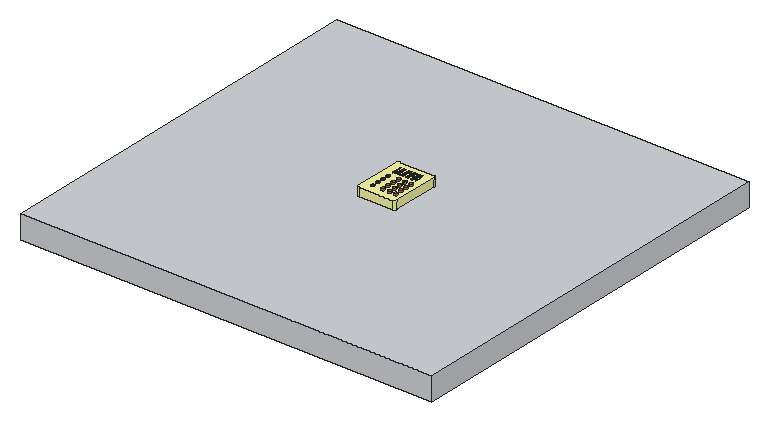
Revit family "ELV_Entry Phone", category Security Devices, host Face, Revit 2013
Parameters (values of type "1 Gang")
  Switch Voltage = 230 V
  Red Light = Red Light
  Load Classification = Other
  Label = ""
  Green Light = Green Light
  Default Elevation = 1200 mm
  Assembly Code = ""
  Apparent Load = 0 VA
Reference planes
  plane 1 "Center (Front/Back)": y = 0
  plane 2: z = 0
  plane 3 "Center (Left/Right)": x = 0
  plane 4 "level above": z = 40
  plane 5 "level below": z = -53.975
  plane 6 "Top": y = 80
  plane 7 "Bot": y = -80
  plane 8: x = -60
  plane 9: x = 60
  plane 10: x = -48
  plane 11: x = 48
Forms (mm)
  Extrusion 1, solid
    sketch origin (0, 0, 0) x (1, 0, 0) y (0, 1, 0)
      loop
        line (-644.525, 571.5) -> (-644.525, -666.75) -> (644.525, -666.75) -> (644.525, 571.5) -> (-644.525, 571.5)
    from 0 to -72.672
  Extrusion 2, solid, material "Face Plate"
    sketch origin (0, 0, 0) x (1, 0, 0) y (0, 1, 0)
      loop
        line (-52, -80) -> (52, -80)
        arc (52, -80) -> (57.657, -77.657) -> (60, -72) r 8
        line (60, -72) -> (60, 72)
        arc (60, 72) -> (57.657, 77.657) -> (52, 80) r 8
        line (52, 80) -> (-52, 80)
        arc (-52, 80) -> (-57.657, 77.657) -> (-60, 72) r 8
        line (-60, 72) -> (-60, -72)
        arc (-60, -72) -> (-57.657, -77.657) -> (-52, -80) r 8
    from 0 to 25
  Extrusion 3, solid, material "Light Body"
    sketch origin (-5, 0, 0) x (1, 0, 0) y (0, 1, 0)
      loop
        circle (4.048, 8.931) r 5
    from 25 to 28
  Extrusion 4, solid, material "Light Body"
    sketch origin (15, 0, 0) x (1, 0, 0) y (0, 1, 0)
      loop
        circle (4.048, 8.931) r 5
    from 25 to 28
  Extrusion 5, solid, material "Light Body"
    sketch origin (35, 0, 0) x (1, 0, 0) y (0, 1, 0)
      loop
        circle (4.048, 8.931) r 5
    from 25 to 28
  Extrusion 6, solid, material "Light Body"
    sketch origin (-5, -20, 0) x (1, 0, 0) y (0, 1, 0)
      loop
        circle (4.048, 8.931) r 5
    from 25 to 28
  Extrusion 7, solid, material "Light Body"
    sketch origin (15, -20, 0) x (1, 0, 0) y (0, 1, 0)
      loop
        circle (4.048, 8.931) r 5
    from 25 to 28
  Extrusion 8, solid, material "Light Body"
    sketch origin (35, -20, 0) x (1, 0, 0) y (0, 1, 0)
      loop
        circle (4.048, 8.931) r 5
    from 25 to 28
  Extrusion 9, solid, material "Light Body"
    sketch origin (-5, -40, 0) x (1, 0, 0) y (0, 1, 0)
      loop
        circle (4.048, 8.931) r 5
    from 25 to 28
  Extrusion 10, solid, material "Light Body"
    sketch origin (15, -40, 0) x (1, 0, 0) y (0, 1, 0)
      loop
        circle (4.048, 8.931) r 5
    from 25 to 28
  Extrusion 11, solid, material "Light Body"
    sketch origin (35, -40, 0) x (1, 0, 0) y (0, 1, 0)
      loop
        circle (4.048, 8.931) r 5
    from 25 to 28
  Extrusion 12, solid, material "Light Body"
    sketch origin (-5, -60, 0) x (1, 0, 0) y (0, 1, 0)
      loop
        circle (4.048, 8.931) r 5
    from 25 to 28
  Extrusion 13, solid, material "Light Body"
    sketch origin (15, -60, 0) x (1, 0, 0) y (0, 1, 0)
      loop
        circle (4.048, 8.931) r 5
    from 25 to 28
  Extrusion 14, solid, material "Light Body"
    sketch origin (35, -60, 0) x (1, 0, 0) y (0, 1, 0)
      loop
        circle (4.048, 8.931) r 5
    from 25 to 28
  Extrusion 15, void
    sketch origin (0, 0, 0) x (1, 0, 0) y (0, 1, 0)
      loop
        circle (-33.639, 8.819) r 5
    from 25 to 20
  Extrusion 16, void
    sketch origin (0, -20, 0) x (1, 0, 0) y (0, 1, 0)
      loop
        circle (-33.639, 8.819) r 5
    from 25 to 20
  Extrusion 17, void
    sketch origin (0, -40, 0) x (1, 0, 0) y (0, 1, 0)
      loop
        circle (-33.639, 8.819) r 5
    from 25 to 20
  Extrusion 18, void
    sketch origin (0, -60, 0) x (1, 0, 0) y (0, 1, 0)
      loop
        circle (-33.639, 8.819) r 5
    from 25 to 20
  Extrusion 19, solid, material "Green Light" <- "Green Light"
    sketch origin (0, 0, 0) x (1, 0, 0) y (0, 1, 0)
      loop
        circle (-33.674, 8.851) r 5.035
    from 23 to 25
  Extrusion 20, solid, material "Green Light" <- "Green Light"
    sketch origin (0, -20, 0) x (1, 0, 0) y (0, 1, 0)
      loop
        circle (-33.674, 8.851) r 5.035
    from 23 to 25
  Extrusion 21, solid, material "Red Light" <- "Red Light"
    sketch origin (0, -40, 0) x (1, 0, 0) y (0, 1, 0)
      loop
        circle (-33.674, 8.851) r 5.035
    from 23 to 25
  Extrusion 22, solid, material "Red Light" <- "Red Light"
    sketch origin (0, -60, 0) x (1, 0, 0) y (0, 1, 0)
      loop
        circle (-33.674, 8.851) r 5.035
    from 23 to 25
  Extrusion 23, void
    sketch origin (0, 0, 0) x (1, 0, 0) y (0, 1, 0)
      loop
        line (-4, 57.738) -> (4, 57.738)
        arc (4, 57.738) -> (5.5, 59.238) -> (4, 60.738) r 1.5
        line (4, 60.738) -> (-4, 60.738)
        arc (-4, 60.738) -> (-5.5, 59.238) -> (-4, 57.738) r 1.5
      loop
        line (11, 57.738) -> (19, 57.738)
        arc (19, 57.738) -> (20.5, 59.238) -> (19, 60.738) r 1.5
        line (19, 60.738) -> (11, 60.738)
        arc (11, 60.738) -> (9.5, 59.238) -> (11, 57.738) r 1.5
      loop
        line (26, 57.738) -> (34, 57.738)
        arc (34, 57.738) -> (35.5, 59.238) -> (34, 60.738) r 1.5
        line (34, 60.738) -> (26, 60.738)
        arc (26, 60.738) -> (24.5, 59.238) -> (26, 57.738) r 1.5
      loop
        line (-34, 57.738) -> (-26, 57.738)
        arc (-26, 57.738) -> (-24.5, 59.238) -> (-26, 60.738) r 1.5
        line (-26, 60.738) -> (-34, 60.738)
        arc (-34, 60.738) -> (-35.5, 59.238) -> (-34, 57.738) r 1.5
      loop
        line (-19, 57.738) -> (-11, 57.738)
        arc (-11, 57.738) -> (-9.5, 59.238) -> (-11, 60.738) r 1.5
        line (-11, 60.738) -> (-19, 60.738)
        arc (-19, 60.738) -> (-20.5, 59.238) -> (-19, 57.738) r 1.5
      loop
        line (-4, 50.747) -> (4, 50.747)
        arc (4, 50.747) -> (5.5, 52.247) -> (4, 53.747) r 1.5
        line (4, 53.747) -> (-4, 53.747)
        arc (-4, 53.747) -> (-5.5, 52.247) -> (-4, 50.747) r 1.5
      loop
        line (11, 50.747) -> (19, 50.747)
        arc (19, 50.747) -> (20.5, 52.247) -> (19, 53.747) r 1.5
        line (19, 53.747) -> (11, 53.747)
        arc (11, 53.747) -> (9.5, 52.247) -> (11, 50.747) r 1.5
      loop
        line (26, 50.747) -> (34, 50.747)
        arc (34, 50.747) -> (35.5, 52.247) -> (34, 53.747) r 1.5
        line (34, 53.747) -> (26, 53.747)
        arc (26, 53.747) -> (24.5, 52.247) -> (26, 50.747) r 1.5
      loop
        line (-34, 50.747) -> (-26, 50.747)
        arc (-26, 50.747) -> (-24.5, 52.247) -> (-26, 53.747) r 1.5
        line (-26, 53.747) -> (-34, 53.747)
        arc (-34, 53.747) -> (-35.5, 52.247) -> (-34, 50.747) r 1.5
      loop
        line (-19, 50.747) -> (-11, 50.747)
        arc (-11, 50.747) -> (-9.5, 52.247) -> (-11, 53.747) r 1.5
        line (-11, 53.747) -> (-19, 53.747)
        arc (-19, 53.747) -> (-20.5, 52.247) -> (-19, 50.747) r 1.5
      loop
        line (-4, 43.747) -> (4, 43.747)
        arc (4, 43.747) -> (5.5, 45.247) -> (4, 46.747) r 1.5
        line (4, 46.747) -> (-4, 46.747)
        arc (-4, 46.747) -> (-5.5, 45.247) -> (-4, 43.747) r 1.5
      loop
        line (11, 43.747) -> (19, 43.747)
        arc (19, 43.747) -> (20.5, 45.247) -> (19, 46.747) r 1.5
        line (19, 46.747) -> (11, 46.747)
        arc (11, 46.747) -> (9.5, 45.247) -> (11, 43.747) r 1.5
      loop
        line (26, 43.747) -> (34, 43.747)
        arc (34, 43.747) -> (35.5, 45.247) -> (34, 46.747) r 1.5
        line (34, 46.747) -> (26, 46.747)
        arc (26, 46.747) -> (24.5, 45.247) -> (26, 43.747) r 1.5
      loop
        line (-34, 43.747) -> (-26, 43.747)
        arc (-26, 43.747) -> (-24.5, 45.247) -> (-26, 46.747) r 1.5
        line (-26, 46.747) -> (-34, 46.747)
        arc (-34, 46.747) -> (-35.5, 45.247) -> (-34, 43.747) r 1.5
      loop
        line (-19, 43.747) -> (-11, 43.747)
        arc (-11, 43.747) -> (-9.5, 45.247) -> (-11, 46.747) r 1.5
        line (-11, 46.747) -> (-19, 46.747)
        arc (-19, 46.747) -> (-20.5, 45.247) -> (-19, 43.747) r 1.5
      loop
        line (-4, 36.747) -> (4, 36.747)
        arc (4, 36.747) -> (5.5, 38.247) -> (4, 39.747) r 1.5
        line (4, 39.747) -> (-4, 39.747)
        arc (-4, 39.747) -> (-5.5, 38.247) -> (-4, 36.747) r 1.5
      loop
        line (11, 36.747) -> (19, 36.747)
        arc (19, 36.747) -> (20.5, 38.247) -> (19, 39.747) r 1.5
        line (19, 39.747) -> (11, 39.747)
        arc (11, 39.747) -> (9.5, 38.247) -> (11, 36.747) r 1.5
      loop
        line (26, 36.747) -> (34, 36.747)
        arc (34, 36.747) -> (35.5, 38.247) -> (34, 39.747) r 1.5
        line (34, 39.747) -> (26, 39.747)
        arc (26, 39.747) -> (24.5, 38.247) -> (26, 36.747) r 1.5
      loop
        line (-34, 36.747) -> (-26, 36.747)
        arc (-26, 36.747) -> (-24.5, 38.247) -> (-26, 39.747) r 1.5
        line (-26, 39.747) -> (-34, 39.747)
        arc (-34, 39.747) -> (-35.5, 38.247) -> (-34, 36.747) r 1.5
      loop
        line (-19, 36.747) -> (-11, 36.747)
        arc (-11, 36.747) -> (-9.5, 38.247) -> (-11, 39.747) r 1.5
        line (-11, 39.747) -> (-19, 39.747)
        arc (-19, 39.747) -> (-20.5, 38.247) -> (-19, 36.747) r 1.5
      loop
        line (-4, 29.747) -> (4, 29.747)
        arc (4, 29.747) -> (5.5, 31.247) -> (4, 32.747) r 1.5
        line (4, 32.747) -> (-4, 32.747)
        arc (-4, 32.747) -> (-5.5, 31.247) -> (-4, 29.747) r 1.5
      loop
        line (11, 29.747) -> (19, 29.747)
        arc (19, 29.747) -> (20.5, 31.247) -> (19, 32.747) r 1.5
        line (19, 32.747) -> (11, 32.747)
        arc (11, 32.747) -> (9.5, 31.247) -> (11, 29.747) r 1.5
      loop
        line (26, 29.747) -> (34, 29.747)
        arc (34, 29.747) -> (35.5, 31.247) -> (34, 32.747) r 1.5
        line (34, 32.747) -> (26, 32.747)
        arc (26, 32.747) -> (24.5, 31.247) -> (26, 29.747) r 1.5
      loop
        line (-34, 29.747) -> (-26, 29.747)
        arc (-26, 29.747) -> (-24.5, 31.247) -> (-26, 32.747) r 1.5
        line (-26, 32.747) -> (-34, 32.747)
        arc (-34, 32.747) -> (-35.5, 31.247) -> (-34, 29.747) r 1.5
      loop
        line (-19, 29.747) -> (-11, 29.747)
        arc (-11, 29.747) -> (-9.5, 31.247) -> (-11, 32.747) r 1.5
        line (-11, 32.747) -> (-19, 32.747)
        arc (-19, 32.747) -> (-20.5, 31.247) -> (-19, 29.747) r 1.5
    from 23 to 25
Cuts and joins
  Extrusion 15, Extrusion 16, Extrusion 17, Extrusion 18, Extrusion 23 cuts Extrusion 2
Dimensions and locks
  plane 4 "level above" to level = 40 mm
  locked: level to plane 5 "level below" at 53.975
  plane 8 to plane 3 "Center (Left/Right)" to plane 9 = 60 mm, 60 mm
  plane 6 "Top" to plane 1 "Center (Front/Back)" to plane 7 "Bot" = 80 mm, 80 mm
  plane 8 to plane 9 = 120 mm
  plane 6 "Top" to plane 7 "Bot" = 160 mm
  aligned and locked: plane 2 to Extrusion 1
  aligned and locked: level to Extrusion 1
Nested families
  nested 1: "ELV_EPDR" at (0, 0, 0), type "ELV_EPDR"
Connectors
  electrical at (0, 0, 0)
    settings: on cut or joined group of Extrusion 2, Extrusion 15, Extrusion 16, Extrusion 17, Extrusion 18, Extrusion 23, index 1, voltage 0 V, apparent load 0 VA, apparent load phase1 0 VA, apparent load phase2 0 VA, apparent load phase3 0 VA, power factor 1, load classification "Other", number of poles 1, system type 10, power factor state 1, is connector primary yes, connector utility no, sub classification motor no, connector description ""
Definition of nested family "ELV_EPDR"
  Reference planes
    plane 1: y = 0
    plane 2: x = 0
  Lines and regions (mm)
    detail lines, style "Security Symbols"
      curve 1: line (-1.522, 0, 0) -> (1.522, 0, 0)
      curve 2: line (-1.522, 0, 0) -> (0, 2.636, 0)
      curve 3: line (0, 2.636, 0) -> (1.522, 0, 0)
  Text (mm)
    text "EP" at (2.517, 3.682, 0)
